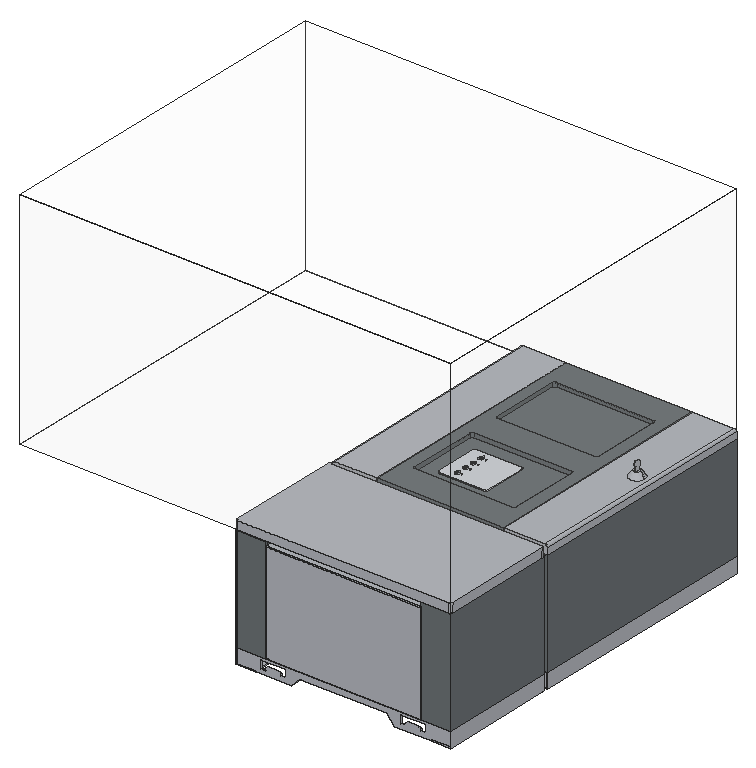
Revit family "Tyco_Fire Detector_and_Alarm Control_Indicator_Equipment-Profile Flexible Addressable _Control and Indicating Panels", category Fire Alarm Devices, host Face, Revit 2014
Parameters (values of type "Pro32xBB 4-32 Loop PROFILE Black Box")
  Weight = ""
  Warranty Start Date = ""
  Warranty Guarantor Parts = "Contact your supplier. If you don’t have your supplier contact details please contact\r\ntfsuk.service@tycoint.com\r\ntfseu.service@tycoint.com"
  Warranty Guarantor Labor = "Contact your supplier. If you don’t have your supplier contact details please contact\r\ntfsuk.service@tycoint.com\r\ntfseu.service@tycoint.com"
  Warranty Duration Unit = "Year"
  Warranty Duration Parts = "1.5"
  Warranty Duration Labor = 1.5
  Warranty Description = "n/a"
  Version = ""
  Usage Current = ""
  Uniclass2 = ""
  URL = "http://www.zettlerfire.com/Products/Fire/zettlerpanels/PROFILE.asp"
  Total No Of Addresses = "n/a"
  Tag Number = ""
  SuistainabilityPerformance = "n/a"
  Storage Temperature = "-20 °C to +70 °C"
  Size = "n/a"
  Shape = "Rectangle"
  Serial Number = ""
  Revision = ""
  Replacement Cost = 0
  Relative Humidity = "90% RH continuous (non-condensing)"
  Reference = ""
  Product Specification = "Pro32xBB 4-32 Loop PROFILE Black Box"
  Product Information = ""
  Product Codes = "557.200.851"
  Phase Reference = ""
  Phase Angle = ""
  Operation Temperature Range = "-8 °C to +55 °C"
  Number of Loops = "n/a"
  Number Of Poles = ""
  Nominal Width = 438 mm
  Nominal Voltage = ""
  Nominal Length = 263 mm
  Nominal Height = 740 mm
  Nominal Frequency Range = ""
  Nominal Current = ""
  No Of Zones Supported = "n/a"
  No Of Zonal LEDs = "n/a"
  Name = "Pro32xBB 4-32 Loop PROFILE Black Box"
  NBS Reference = ""
  NBS Description = ""
  Model Reference = "n/a"
  Model Number = "Pro32xBB"
  Model = "Pro32xBB"
  Material = "Mild steel Zintec (Electro Zinc Coated)"
  Manufacturer URL = "www.zettlerfire.com"
  Manufacturer Name = ""
  Manufacturer = "Tyco Fire Protection Products"
  Insulation Standard Class = ""
  Installation Date = ""
  Ifc Type Object = ""
  Ifc Export Type = ""
  Ifc Export As = ""
  IP_Code = ""
  Has Protective Earth = ""
  Grade = "n/a"
  Finish = "n/a"
  Features = "n/a"
  Expected Life = 0
  Electrical Device Nominal Power = ""
  Duration Unit = "n/a"
  Display B = yes
  Display A = no
  Description = "Pro32xBB PROFILE flexible Black Box panel 4 Shared Power Loops or 2 High Power Loops. Expandable to 32 Shared Power Loops or 16 High Power Loops max 2000 addresses. XL housing supplied with mounting frame."
  Default Elevation = 1219.2 mm
  Constituents = "n/a"
  Colour = "RAL 7016 (Anthracite Grey) & RAL 7040 (Window Grey)"
  Code Performance = "n/a"
  Clearance ref = if(Geometry ref, 246 mm, 0 mm)  # 246 mm
  Clearance [instance] = yes
  Category = ""
  Brand = "Zettler"
  Bar Code = ""
  BIM Object Name = ""
  Author = ""
  Asset Type = "Moveable"
  Asset Identifier = ""
  Addresses Per Loop = "n/a"
  Accessibility Performance = "n/a"
  Geometry ref = and(Nominal Height = 740 mm)  # yes
Types (6, lengths in mm): name | Product Specification | Product Codes | Nominal Height | Name | Model Number | Model | Display B | Display A | Description | Clearance ref | Geometry ref
  (no name) | "Pro32xBB 4-32 Loop PROFILE Black Box" | "557.200.851" | 740 | "Pro32xBB 4-32 Loop PROFILE Black Box" | "Pro32xBB" | "Pro32xBB" | yes | no | "Pro32xBB PROFILE flexible Black Box panel 4 Shared Power Loops or 2 High Power Loops. Expandable to 32 Shared Power Loops or 16 High Power Loops max 2000 addresses. XL housing supplied with mounting frame." | 246 | yes
  Pro16xD 4-16 Loop PROFILE Panel | "Pro16xD 4-16 Loop PROFILE Panel" | "557.200.847" | 480 | "Pro16xD 4-16 Loop PROFILE Panel" | "Pro16xD" | "Pro16xD" | no | yes | "Pro16xD PROFILE flexible panel 4 Shared Power Loops or 2 High Power Loops. Expandable to 16 Shared Power Loops or 8 High Power Loops max 2000 addresses. TFT touchscreen display, 5A PSU deep XL housing for 38 AH batteries supplied with mounting frame." | 0 | no
  Pro16xBB 4-16 Loop PROFILE Black Box | "Pro16xBB 4-16 Loop PROFILE Black Box" | "557.200.850" | 480 | "Pro16xBB 4-16 Loop PROFILE Black Box" | "Pro16xBB" | "Pro16xBB" | yes | no | "Pro16xBB PROFILE flexible Black Box panel 4 Shared Power Loops or 2 High Power Loops. Expandable to 16 Shared Power Loops or 8 High Power Loops max 2000 addresses, 5A PSU deep XL housing for 38 AH batteries supplied with mounting frame." | 0 | no
  Pro32xD 4-32 Loop PROFILE Panel | "Pro32xD 4-32 Loop PROFILE Panel" | "557.200.848" | 740 | "Pro32xD 4-32 Loop PROFILE Panel" | "Pro32xD" | "Pro32xD" | no | yes | "Pro32xD PROFILE flexible panel 4 Shared Power Loops or 2 High Power Loops. Expandable to 32 Shared Power Loops or 16 High Power Loops max 2000 addresses. TFT touchscreen display, XL housing supplied with mounting frame." | 246 | yes
  Pro32xBB 4-32 Loop PROFILE Black Box | "Pro32xBB 4-32 Loop PROFILE Black Box" | "557.200.851" | 740 | "Pro32xBB 4-32 Loop PROFILE Black Box" | "Pro32xBB" | "Pro32xBB" | yes | no | "Pro32xBB PROFILE flexible Black Box panel 4 Shared Power Loops or 2 High Power Loops. Expandable to 32 Shared Power Loops or 16 High Power Loops max 2000 addresses. XL housing supplied with mounting frame." | 246 | yes
  PxD Extension Box For Pro32xD | "PxD Extension Box For Pro32xD" | "557.200.849" | 480 | "PxD Extension Box For Pro32xD" | "PxD" | "PxD" | no | no | "PxD Extension box for Pro32xD PROFILE Flexible panel to enable a maximum number of 32 SP-loops, 4000 addresses XL housing with 6 way slot card cage and space for a second six way slot card cage. Supplied with mounting frame." | 0 | no
Reference planes
  plane 1 "Center (Front/Back)": y = 0
  plane 2: z = 0
  plane 3 "Center (Left/Right)": x = 0
Dimensions and locks
  aligned and locked: plane 2 to host face
  aligned and locked: level to host face
  aligned and locked: plane 3 "Center (Left/Right)" to nested 1
  aligned and locked: nested 1 to host face
Nested families
  nested 1: "Geometry" at (0, -305, 0), type "Default"
  nested 2: "Geometry2" at (0, 62.5, 0), type "Default"
    with aaa 246 mm, Display B yes
Connectors
  electrical at (0, 298.902, 131.248)
    settings: on nested 2, index 1, voltage 0 V, apparent load 0 VA, apparent load phase1 0 VA, apparent load phase2 0 VA, apparent load phase3 0 VA, power factor 1, load classification "Other", number of poles 1, system type 11, power factor state 1, is connector primary yes, connector utility no, sub classification motor no, connector description ""
Definition of nested family "Geometry"
  Parameters (values of type "Default")
    Width = 438 mm
    Height = 237 mm
    Geometry = yes
    Depth = 263 mm
    Clearance = yes
  Reference planes
    plane 1 "Center (Front/Back)": y = 0
    plane 2: z = 0
    plane 3 "Center (Left/Right)": x = 0
    plane 4: x = -219
    plane 5: x = 219
    plane 6: x = -220
    plane 7: x = -59
    plane 8: x = 59
    plane 9: x = -158
    plane 10: x = 158
    plane 11: z = 263
    plane 12: y = 60.5
    plane 13: y = 118.5
    plane 14: y = -118.5
    plane 15: y = -42.5
    plane 16: z = 264
    plane 17: z = 266
  Forms (mm)
    Extrusion 1, solid, material "RAL 7040", visible <- "Geometry"
      sketch origin (0, -128.233, 83.462) x (0, 1, 0) y (0, 0, 1)
        loop
          line (94.5, 114) -> (31.733, 114) -> (31.733, 69.158) -> (94.5, 69.158) -> (94.5, 114)
      from -220 to -219
    Extrusion 2, solid, material "RAL 7040", visible <- "Geometry"
      sketch origin (0, 0, 0) x (0, 1, 0) y (0, 0, 1)
        loop
          line (77.102, 245) -> (75.902, 245) -> (75.902, 237.596)
          arc (75.902, 237.596) -> (76.547, 236.04) -> (78.102, 235.396) r 2.2
          line (78.102, 235.396) -> (114.902, 235.396) -> (114.902, 31.196) -> (-117.298, 31.196) -> (-117.298, 235.396) -> (-99.498, 235.396)
          arc (-99.498, 235.396) -> (-97.942, 236.04) -> (-97.298, 237.596) r 2.2
          line (-97.298, 237.596) -> (-97.298, 256.596) -> (-98.498, 256.596) -> (-98.498, 237.596)
          arc (-98.498, 237.596) -> (-98.791, 236.889) -> (-99.498, 236.596) r 1
          line (-99.498, 236.596) -> (-117.498, 236.596)
          arc (-117.498, 236.596) -> (-118.205, 236.303) -> (-118.498, 235.596) r 1
          line (-118.498, 235.596) -> (-118.498, 30.996)
          arc (-118.498, 30.996) -> (-118.205, 30.289) -> (-117.498, 29.996) r 1
          line (-117.498, 29.996) -> (115.102, 29.996)
          arc (115.102, 29.996) -> (115.809, 30.289) -> (116.102, 30.996) r 1
          line (116.102, 30.996) -> (116.102, 235.596)
          arc (116.102, 235.596) -> (115.809, 236.303) -> (115.102, 236.596) r 1
          line (115.102, 236.596) -> (78.102, 236.596)
          arc (78.102, 236.596) -> (77.395, 236.889) -> (77.102, 237.596) r 1
          line (77.102, 237.596) -> (77.102, 245)
      from -158 to 158
    Extrusion 3, solid, material "RAL 7016", visible <- "Geometry"
      sketch origin (0, 0, 0) x (1, 0, 0) y (0, 1, 0)
        loop
          line (-219, 118.5) -> (-219, -118.5) -> (-157.852, -118.5) -> (-157.852, -116.938) -> (-217.5, -116.938) -> (-217.5, 117) -> (-157.852, 117) -> (-157.852, 118.5) -> (-219, 118.5)
        loop
          line (219, 118.5) -> (157.852, 118.5) -> (157.852, 117) -> (217.5, 117) -> (217.5, -116.938) -> (157.852, -116.938) -> (157.852, -118.5) -> (219, -118.5) -> (219, 118.5)
      from 30 to 245
    Extrusion 4, solid, material "RAL 7040", visible <- "Geometry"
      sketch origin (0, 0, 0) x (1, 0, 0) y (0, 1, 0)
        loop
          arc (-215.5, 118.5) -> (-217.975, 117.475) -> (-219, 115) r 3.5
          line (-219, 115) -> (-219, -115)
          arc (-219, -115) -> (-217.975, -117.475) -> (-215.5, -118.5) r 3.5
          line (-215.5, -118.5) -> (214, -118.5)
          arc (214, -118.5) -> (217.536, -117.036) -> (219, -113.5) r 5
          line (219, -113.5) -> (219, 113.5)
          arc (219, 113.5) -> (217.536, 117.036) -> (214, 118.5) r 5
          line (214, 118.5) -> (-215.5, 118.5)
      from 245 to 263
    Extrusion 5, solid, visible <- "Geometry", detail levels coarse+medium
      sketch origin (0, 0, 0) x (1, 0, 0) y (0, 1, 0)
        loop
          line (-220, 132.5) -> (-220, -118.5) -> (219, -118.5) -> (219, 132.5) -> (-220, 132.5)
      from 0 to 266
  Dimensions and locks
    equal spacing: plane 5, plane 3 "Center (Left/Right)", plane 4
    "Width": plane 5 to plane 4
    locked: plane 4 to plane 6 at 1
    equal spacing: plane 8, plane 3 "Center (Left/Right)", plane 7
    equal spacing: plane 10, plane 3 "Center (Left/Right)", plane 9
    locked: plane 11 to level at 263
    equal spacing: plane 7, plane 3 "Center (Left/Right)", plane 8
    plane 7 to plane 8 = 118 mm
    equal spacing: plane 14, plane 1 "Center (Front/Back)", plane 13
    "Height": plane 13 to plane 14
    plane 15 to plane 14 = 76 mm
    plane 12 to plane 15 = 103 mm
    locked: plane 16 to plane 11 at 1
    locked: plane 11 to Extrusion 2 sketch curve at 27.604
    aligned and locked: level to plane 2
    aligned and locked: plane 3 "Center (Left/Right)" to nested 1
    aligned and locked: plane 4 to Extrusion 1
    aligned and locked: Extrusion 1 to plane 6
    aligned and locked: plane 6 to text3d elem  (x2)
    aligned and locked: Extrusion 2 to plane 9
    aligned and locked: plane 10 to Extrusion 2
    aligned and locked: nested 1 to level
    aligned and locked: Extrusion 3 to nested 1
    aligned and locked: Extrusion 4 to Extrusion 2
    aligned and locked: plane 11 to Extrusion 4
    aligned and locked: Extrusion 4 sketch curve to plane 13
    aligned and locked: plane 14 to Extrusion 4 sketch curve
    aligned and locked: nested 1 to plane 14
    aligned and locked: plane 14 to Extrusion 3 sketch curve
    aligned and locked: Extrusion 3 sketch curve to plane 14
    aligned and locked: plane 13 to Extrusion 3 sketch curve
    aligned and locked: Extrusion 3 sketch curve to plane 13
    aligned and locked: plane 4 to Extrusion 4 sketch curve
    aligned and locked: plane 6 to Extrusion 5 sketch curve
    aligned and locked: Extrusion 5 sketch curve to plane 5
    aligned and locked: plane 14 to Extrusion 5 sketch curve
    aligned and locked: Extrusion 5 to level
    aligned and locked: Extrusion 5 to plane 17
    aligned and locked: Extrusion 5 sketch curve to nested 1
  Automatic sketch dimensions
    Extrusion 1 sketch curve to Extrusion 1 sketch curve = 44.842 mm
    Extrusion 1 sketch curve to Extrusion 1 sketch curve = 62.767 mm
    level to Extrusion 1 sketch curve = 152.619 mm
    Extrusion 1 sketch curve to plane 12 = 157 mm
    Extrusion 2 sketch curve to Extrusion 2 sketch curve = 0 mm  (x5)
    plane 14 to Extrusion 2 sketch curve = 0.002 mm
    plane 14 to Extrusion 2 sketch curve = 1.002 mm  (x2)
    Extrusion 2 sketch curve to Extrusion 2 sketch curve = 0.2 mm  (x4)
    Extrusion 2 sketch curve to Extrusion 2 sketch curve = 17.8 mm
    Extrusion 2 sketch curve to plane 11 = 6.404 mm
    Extrusion 2 sketch curve to Extrusion 2 sketch curve = 1.2 mm  (x2)
    plane 12 to Extrusion 2 sketch curve = 15.402 mm
    Extrusion 2 sketch curve to Extrusion 2 sketch curve = 1 mm  (x3)
    Extrusion 2 sketch curve to plane 13 = 3.598 mm
    Extrusion 2 sketch curve to plane 11 = 18 mm
    Extrusion 2 sketch curve to Extrusion 2 sketch curve = 7.404 mm
    level to Extrusion 2 sketch curve = 31.196 mm
    Extrusion 3 sketch curve to plane 4 = 0 mm
    Extrusion 3 sketch curve to plane 5 = 0 mm
    plane 4 to Extrusion 3 sketch curve = 1.5 mm
    plane 9 to Extrusion 3 sketch curve = 0.148 mm  (x2)
    Extrusion 3 sketch curve to plane 10 = 0.148 mm  (x2)
    Extrusion 3 sketch curve to plane 5 = 1.5 mm
    plane 14 to Extrusion 3 sketch curve = 1.562 mm  (x2)
    Extrusion 3 sketch curve to Extrusion 3 sketch curve = 1.5 mm
    Extrusion 3 sketch curve to plane 13 = 1.5 mm
    Extrusion 4 sketch curve to plane 5 = 0 mm
    plane 4 to Extrusion 4 sketch curve = 3.5 mm  (x2)
    Extrusion 4 sketch curve to plane 5 = 5 mm  (x2)
  Nested families
    nested 1: "Frame" at (0, -7.233, 0), visible <- "Geometry", type "Frame", detail levels fine
  Definition of nested family "Frame"
    Parameters (values of type "Frame")
      aaa = 211 mm
      Width = 438 mm
      Height = 237 mm
      Depth = 30 mm
    Reference planes
      plane 1 "Center (Front/Back)": y = 0
      plane 2: z = 0
      plane 3 "Center (Left/Right)": x = 0
      plane 4: x = -219
      plane 5: x = 219
      plane 6: x = -179
      plane 7: x = 179
      plane 8: x = -160.5
      plane 9: x = -119.5
      plane 10: z = 24
      plane 11: z = 8.5
      plane 12: x = 160.5
      plane 13: x = 119.5
      plane 14: z = 24
      plane 15: z = 8.5
      plane 16: x = -160.5
      plane 17: x = -119.5
      plane 18: y = 139.733
      plane 19: x = 160.5
      plane 20: x = 119.5
      plane 21: y = 139.733
      plane 22: z = 10
      plane 23: x = -167.5
      plane 24: x = -117.5
      plane 25: z = 20
      plane 26: z = 4
      plane 27: x = 167.5
      plane 28: x = 117.5
      plane 29: z = 20
      plane 30: z = 4
      plane 31: x = -105.5
      plane 32: x = 105.5
      plane 33: z = 17.938
    Forms (mm)
      Extrusion 1, solid, material "RAL 7040"
        sketch origin (0, -111.267, 30) x (1, 0, 0) y (0, 0, -1)
          loop
            line (-219, 0) -> (-217.5, 0) -> (-217.5, 28.5) -> (-179, 28.5) -> (-179, 30) -> (-219, 30) -> (-219, 0)
          loop
            line (219, 0) -> (219, 30) -> (179, 30) -> (179, 28.5) -> (217.5, 28.5) -> (217.5, 0) -> (219, 0)
        from 0 to 237
      Extrusion 2, solid, material "RAL 7040"
        sketch origin (0, -111.267, 30) x (0, 0, -1) y (0, 1, 0)
          loop
            line (0, 237) -> (0, 0) -> (30, 0) -> (30, 1.5) -> (1.5, 1.5) -> (1.5, 235.5) -> (30, 235.5) -> (30, 237) -> (0, 237)
        from -217.5 to 217.5
      Extrusion 3, void
        sketch origin (0, -111.267, 30) x (1, 0, 0) y (0, 0, -1)
          loop
            line (-160.5, 21.5) -> (-160.5, 11) -> (-155.5, 6) -> (-124.5, 6) -> (-119.5, 11) -> (-119.5, 21.5) -> (-160.5, 21.5)
          loop
            line (160.5, 21.5) -> (119.5, 21.5) -> (119.5, 11) -> (124.5, 6) -> (155.5, 6) -> (160.5, 11) -> (160.5, 21.5)
          loop
            line (105.437, 30) -> (-105.437, 30) -> (-87.5, 12.062) -> (87.5, 12.063) -> (105.437, 30)
        from 235.5 to 237
      Extrusion 4, solid, material "RAL 7040"
        sketch origin (0, -111.267, 30) x (1, 0, 0) y (0, 1, 0)
          loop
            line (-160.5, 237) -> (-119.5, 237) -> (-119.5, 246) -> (-124.5, 251) -> (-155.5, 251) -> (-160.5, 246) -> (-160.5, 237)
          loop
            line (-154.495, 246.5) -> (-154.495, 244) -> (-124.495, 244) -> (-124.495, 246.5) -> (-154.495, 246.5)
          loop
            line (160.5, 237) -> (160.5, 246) -> (155.5, 251) -> (124.5, 251) -> (119.5, 246) -> (119.5, 237) -> (160.5, 237)
          loop
            line (154.495, 246.5) -> (124.495, 246.5) -> (124.495, 244) -> (154.495, 244) -> (154.495, 246.5)
        from -21.5 to -20
      Extrusion 5, void
        sketch origin (0, -111.267, 30) x (1, 0, 0) y (0, 0, -1)
          loop
            line (167.5, 4.063) -> (167.5, 20.063) -> (157.5, 20.063) -> (157.5, 15.886) -> (154.732, 13.118) -> (130.195, 13.118) -> (127.5, 15.813) -> (127.5, 20.063) -> (117.5, 20.063) -> (117.5, 4.063) -> (167.5, 4.063)
          loop
            line (-167.5, 4.062) -> (-117.5, 4.062) -> (-117.5, 20.062) -> (-127.5, 20.062) -> (-127.5, 15.813) -> (-130.195, 13.118) -> (-154.732, 13.118) -> (-157.5, 15.886) -> (-157.5, 20.062) -> (-167.5, 20.062) -> (-167.5, 4.062)
          loop
            line (105.437, 30) -> (-105.437, 30) -> (-87.5, 12.062) -> (87.5, 12.063) -> (105.437, 30)
        from 0 to 1.5
    Cuts and joins
      Extrusion 3, Extrusion 5 cuts Extrusion 2
      Extrusion 5 cuts Extrusion 4
    Dimensions and locks
      equal spacing: plane 5, plane 3 "Center (Left/Right)", plane 4
      "Width": plane 5 to plane 4
      plane 4 to plane 6 = 40 mm
      locked: plane 7 to plane 5 at 40
      locked: plane 4 to plane 8 at 58.5
      locked: plane 8 to plane 9 at 41
      locked: plane 11 to plane 10 at 15.5
      locked: plane 12 to plane 13 at 41
      locked: plane 15 to plane 14 at 15.5
      locked: plane 12 to plane 5 at 58.5
      plane 18 to cut or joined group of Extrusion 2, Extrusion 3, Extrusion 5 = 14 mm
      locked: Extrusion 4 sketch curve to cut or joined group of Extrusion 2, Extrusion 3, Extrusion 5 at 7  (x2)
      locked: Extrusion 4 sketch curve to Extrusion 4 sketch curve at 2.5  (x2)
      locked: plane 21 to cut or joined group of Extrusion 2, Extrusion 3, Extrusion 5 at 14
      locked: plane 26 to plane 25 at 16
      locked: plane 4 to plane 23 at 51.5
      locked: plane 23 to plane 24 at 50
      plane 23 to Extrusion 5 sketch curve = 325 mm
      plane 24 to Extrusion 5 sketch curve = 245 mm
      locked: plane 27 to plane 28 at 50
      plane 27 to Extrusion 5 sketch curve = 325 mm
      plane 28 to Extrusion 5 sketch curve = 245 mm
      locked: plane 30 to plane 29 at 16
      equal spacing: plane 31, plane 3 "Center (Left/Right)", plane 32
      "aaa": plane 31 to plane 32
      aligned and locked: level to plane 2
      aligned and locked: plane 4 to Extrusion 1 sketch curve
      aligned and locked: Extrusion 1 sketch curve to plane 6
      aligned and locked: plane 7 to Extrusion 1 sketch curve
      aligned and locked: Extrusion 2 sketch curve to Extrusion 1
      aligned and locked: Extrusion 3 sketch curve to plane 11
      aligned and locked: plane 8 to Extrusion 3 sketch curve
      aligned and locked: plane 10 to Extrusion 3 sketch curve
      aligned and locked: Extrusion 3 sketch curve to plane 9
      aligned and locked: plane 15 to Extrusion 3 sketch curve
      aligned and locked: Extrusion 3 sketch curve to plane 12
      aligned and locked: Extrusion 3 sketch curve to plane 14
      aligned and locked: plane 13 to Extrusion 3 sketch curve
      aligned and locked: Extrusion 3 to Extrusion 2
      aligned and locked: plane 17 to cut or joined group of Extrusion 2, Extrusion 3, Extrusion 5
      aligned and locked: plane 16 to cut or joined group of Extrusion 2, Extrusion 3, Extrusion 5
      aligned and locked: Extrusion 4 sketch curve to cut or joined group of Extrusion 2, Extrusion 3, Extrusion 5
      aligned and locked: plane 18 to Extrusion 4 sketch curve
      aligned and locked: plane 17 to Extrusion 4 sketch curve
      aligned and locked: Extrusion 4 sketch curve to plane 21
      aligned and locked: Extrusion 4 sketch curve to plane 20
      aligned and locked: cut or joined group of Extrusion 2, Extrusion 3, Extrusion 5 to Extrusion 4
      aligned and locked: plane 22 to Extrusion 4
      aligned and locked: Extrusion 5 to Extrusion 2
      aligned and locked: plane 33 to Extrusion 5 sketch curve
      aligned and locked: cut or joined group of Extrusion 2, Extrusion 3, Extrusion 5 to Extrusion 5 sketch curve
      aligned and locked: cut or joined group of Extrusion 2, Extrusion 3, Extrusion 5 to Extrusion 1  (x2)
    Automatic sketch dimensions
      plane 8 to Extrusion 3 sketch curve = 5 mm
      Extrusion 3 sketch curve to plane 9 = 5 mm
      Extrusion 3 sketch curve to plane 13 = 5 mm
      plane 12 to Extrusion 3 sketch curve = 5 mm
      plane 10 to Extrusion 3 sketch curve = 5 mm  (x4)
      plane 9 to Extrusion 3 sketch curve = 14.063 mm
      plane 10 to Extrusion 3 sketch curve = 6.063 mm
      Extrusion 3 sketch curve to Extrusion 3 sketch curve = 17.937 mm
      plane 13 to Extrusion 3 sketch curve = 32 mm
      plane 13 to Extrusion 3 sketch curve = 14.063 mm
      plane 11 to Extrusion 3 sketch curve = 8.5 mm
      Extrusion 1 sketch curve to plane 5 = 0 mm
      plane 4 to Extrusion 1 sketch curve = 1.5 mm
      Extrusion 1 sketch curve to plane 5 = 1.5 mm
      Extrusion 1 sketch curve to plane 22 = 20 mm  (x2)
      plane 22 to Extrusion 1 sketch curve = 8.5 mm  (x2)
      Extrusion 1 sketch curve to Extrusion 1 sketch curve = 1.5 mm  (x2)
      Extrusion 2 sketch curve to plane 22 = 18.5 mm
      Extrusion 2 sketch curve to Extrusion 2 sketch curve = 1.5 mm  (x3)
      plane 22 to Extrusion 2 sketch curve = 10 mm
      plane 1 "Center (Front/Back)" to Extrusion 2 sketch curve = 111.267 mm
      Extrusion 2 sketch curve to plane 1 "Center (Front/Back)" = 124.233 mm
      Extrusion 4 sketch curve to plane 19 = 0 mm
      plane 16 to Extrusion 4 sketch curve = 5 mm
      Extrusion 4 sketch curve to Extrusion 4 sketch curve = 1.005 mm  (x2)
      Extrusion 4 sketch curve to plane 17 = 5 mm
      Extrusion 4 sketch curve to Extrusion 4 sketch curve = 0.005 mm  (x2)
      Extrusion 4 sketch curve to plane 20 = 4.995 mm
      plane 19 to Extrusion 4 sketch curve = 6.005 mm
      Extrusion 4 sketch curve to Extrusion 4 sketch curve = 7 mm  (x2)
      Extrusion 4 sketch curve to plane 18 = 5 mm  (x4)
      Extrusion 5 sketch curve to plane 23 = 0 mm
      Extrusion 5 sketch curve to plane 24 = 0 mm
      plane 28 to Extrusion 5 sketch curve = 0 mm
      plane 27 to Extrusion 5 sketch curve = 0 mm
      Extrusion 5 sketch curve to plane 33 = 1.056 mm  (x2)
      Extrusion 5 sketch curve to Extrusion 5 sketch curve = 2.768 mm  (x2)
      Extrusion 5 sketch curve to Extrusion 5 sketch curve = 2.695 mm  (x2)
      plane 31 to Extrusion 5 sketch curve = 0.063 mm
      plane 31 to Extrusion 5 sketch curve = 18 mm
      Extrusion 5 sketch curve to plane 32 = 18 mm
      Extrusion 5 sketch curve to plane 32 = 0.063 mm
      Extrusion 5 sketch curve to plane 25 = 5.938 mm
      Extrusion 5 sketch curve to plane 25 = 5.937 mm
      Extrusion 5 sketch curve to plane 33 = 3.75 mm  (x2)
      Extrusion 5 sketch curve to plane 33 = 3.824 mm  (x2)
      plane 22 to Extrusion 5 sketch curve = 0.063 mm  (x4)
Definition of nested family "Geometry2"
  Parameters (values of type "Default")
    aaa = 0 mm
    Width = 438 mm
    Height = 480 mm
    Display B = no
    Display = no
    Depth = 263 mm
    Clearance = yes
  Reference planes
    plane 1 "Center (Front/Back)": y = 0
    plane 2: z = 0
    plane 3 "Center (Left/Right)": x = 0
    plane 4: x = -219
    plane 5: x = 219
    plane 6: x = -220
    plane 7: x = -59
    plane 8: x = 59
    plane 9: x = -158
    plane 10: x = 158
    plane 11: z = 263
    plane 12: y = -61
    plane 13: y = 240
    plane 14: y = -240
    plane 15: y = -164
    plane 16: z = 264
    plane 17: z = 266
    plane 18: z = 701
    plane 19: x = -658
    plane 20: y = -240
    plane 21: y = 21.873
    plane 22: z = 292.226
  Forms (mm)
    Extrusion 1, solid, material "RAL 7040"
      sketch origin (0, -128.233, 83.462) x (0, 1, 0) y (0, 0, 1)
        loop
          line (-27, 114) -> (-89.767, 114) -> (-89.767, 69.158) -> (-27, 69.158) -> (-27, 114)
      from -220 to -219
    Extrusion 2, solid, material "RAL 7040"
      sketch origin (0, 0, 0) x (0, 1, 0) y (0, 0, 1)
        loop
          line (216.402, 252.5) -> (215.202, 252.5) -> (215.202, 233.5)
          arc (215.202, 233.5) -> (215.847, 231.944) -> (217.402, 231.3) r 2.2
          line (217.402, 231.3) -> (236.402, 231.3) -> (236.402, 31.196) -> (-238.798, 31.196) -> (-238.798, 235.396) -> (-220.998, 235.396)
          arc (-220.998, 235.396) -> (-219.442, 236.04) -> (-218.798, 237.596) r 2.2
          line (-218.798, 237.596) -> (-218.798, 252.5) -> (-219.998, 252.5) -> (-219.998, 237.596)
          arc (-219.998, 237.596) -> (-220.291, 236.889) -> (-220.998, 236.596) r 1
          line (-220.998, 236.596) -> (-238.998, 236.596)
          arc (-238.998, 236.596) -> (-239.705, 236.303) -> (-239.998, 235.596) r 1
          line (-239.998, 235.596) -> (-239.998, 30.996)
          arc (-239.998, 30.996) -> (-239.705, 30.289) -> (-238.998, 29.996) r 1
          line (-238.998, 29.996) -> (236.602, 29.996)
          arc (236.602, 29.996) -> (237.309, 30.289) -> (237.602, 30.996) r 1
          line (237.602, 30.996) -> (237.602, 231.5)
          arc (237.602, 231.5) -> (237.309, 232.207) -> (236.602, 232.5) r 1
          line (236.602, 232.5) -> (217.402, 232.5)
          arc (217.402, 232.5) -> (216.695, 232.793) -> (216.402, 233.5) r 1
          line (216.402, 233.5) -> (216.402, 252.5)
      from -158 to 158
    Extrusion 3, solid, material "RAL 7016"
      sketch origin (0, 0, 0) x (1, 0, 0) y (0, 1, 0)
        loop
          line (-219, 240) -> (-219, -240) -> (-157.852, -240) -> (-157.852, -238.438) -> (-217.5, -238.438) -> (-217.5, 238.5) -> (-157.852, 238.5) -> (-157.852, 240) -> (-219, 240)
        loop
          line (219, 240) -> (157.852, 240) -> (157.852, 238.5) -> (217.5, 238.5) -> (217.5, -238.438) -> (157.852, -238.438) -> (157.852, -240) -> (219, -240) -> (219, 240)
      from 30 to 245
    Extrusion 4, solid, detail levels coarse+medium
      sketch origin (0, 0, 0) x (1, 0, 0) y (0, 1, 0)
        loop
          line (-220, 254) -> (-220, -240) -> (219, -240) -> (219, 254) -> (-220, 254)
      from 0 to 266
    Extrusion 5, solid, material "RAL 7040", detail levels fine
      sketch origin (0, 0, 0) x (1, 0, 0) y (0, 0, 1)
        loop
          arc (-214, 263) -> (-217.536, 261.536) -> (-219, 258) r 5
          line (-219, 258) -> (-219, 245) -> (219, 245) -> (219, 258)
          arc (219, 258) -> (217.536, 261.536) -> (214, 263) r 5
          line (214, 263) -> (129, 263) -> (129, 252.5) -> (-129, 252.5) -> (-129, 263) -> (-214, 263)
      from -240 to 240
    Extrusion 6, solid, material "RAL 7016", detail levels fine
      sketch origin (0, 0, 0) x (1, 0, 0) y (0, 1, 0)
        loop
          line (-129, 240) -> (-129, -240) -> (129, -240) -> (129, 240) -> (-129, 240)
      from 252.5 to 263
    Extrusion 7, solid, material "Clearance Material", visible <- "Clearance", detail levels fine
      sketch origin (0, 0, 0) x (1, 0, 0) y (0, 0, 1)
        loop
          line (-658, 701) -> (-658, 245) -> (219, 245) -> (219, 701) -> (-658, 701)
      from -240 to 240
    Blend 8, solid, material "RAL 7040", detail levels fine
      base sketch origin (0, 0, 0) x (1, 0, 0) y (0, 1, 0)
        loop
          circle (191.486, 21.617) r 15
      top sketch origin (0, 0, 0) x (1, 0, 0) y (0, 1, 0)
        loop
          circle (191.486, 21.617) r 7
      from 264 to 274.226
    Extrusion 9, void
      sketch origin (0, 0, 0) x (1, 0, 0) y (0, 1, 0)
        loop
          line (189.716, 26.873) -> (189.716, 16.873) -> (192.591, 16.873) -> (192.591, 26.873) -> (189.716, 26.873)
      from 263 to 274.226
    Extrusion 10, void
      sketch origin (0, 0, 0) x (1, 0, 0) y (0, 1, 0)
        loop
          arc (-99, 180) -> (-102.536, 178.536) -> (-104, 175) r 5
          line (-104, 175) -> (-104, 35)
          arc (-104, 35) -> (-102.536, 31.464) -> (-99, 30) r 5
          line (-99, 30) -> (99, 30)
          arc (99, 30) -> (102.536, 31.464) -> (104, 35) r 5
          line (104, 35) -> (104, 175)
          arc (104, 175) -> (102.536, 178.536) -> (99, 180) r 5
          line (99, 180) -> (-99, 180)
        loop
          line (-99, -180) -> (99, -180)
          arc (99, -180) -> (102.536, -178.536) -> (104, -175) r 5
          line (104, -175) -> (104, -35)
          arc (104, -35) -> (102.536, -31.464) -> (99, -30) r 5
          line (99, -30) -> (-99, -30)
          arc (-99, -30) -> (-102.536, -31.464) -> (-104, -35) r 5
          line (-104, -35) -> (-104, -175)
          arc (-104, -175) -> (-102.536, -178.536) -> (-99, -180) r 5
      from 255 to 263
    Extrusion 11, solid, visible <- "Display"
      sketch origin (0, 0, 0) x (1, 0, 0) y (0, 1, 0)
        loop
          line (84, 165) -> (-84, 165)
          arc (-84, 165) -> (-87.536, 163.536) -> (-89, 160) r 5
          line (-89, 160) -> (-89, 50)
          arc (-89, 50) -> (-87.536, 46.464) -> (-84, 45) r 5
          line (-84, 45) -> (84, 45)
          arc (84, 45) -> (87.536, 46.464) -> (89, 50) r 5
          line (89, 50) -> (89, 160)
          arc (89, 160) -> (87.536, 163.536) -> (84, 165) r 5
      from 255 to 256
    Extrusion 12, solid, visible <- "Display B"
      sketch origin (0, 0, 0) x (1, 0, 0) y (0, 1, 0)
        loop
          arc (-69, -60) -> (-72.536, -61.464) -> (-74, -65) r 5
          line (-74, -65) -> (-74, -150)
          arc (-74, -150) -> (-72.536, -153.536) -> (-69, -155) r 5
          line (-69, -155) -> (21, -155)
          arc (21, -155) -> (24.536, -153.536) -> (26, -150) r 5
          line (26, -150) -> (26, -65)
          arc (26, -65) -> (24.536, -61.464) -> (21, -60) r 5
          line (21, -60) -> (-69, -60)
      from 255 to 256
    Extrusion 13, solid, material "RAL 7040", visible <- "Display B"
      sketch origin (0, 0, 0) x (1, 0, 0) y (0, 1, 0)
        loop
          arc (-48.829, -134.608) -> (-46.685, -142.022) -> (-44.768, -134.546) r 4
          arc (-44.768, -134.546) -> (-45.45, -134.733) -> (-45.262, -135.415) r 0.5
          arc (-45.262, -135.415) -> (-46.7, -141.022) -> (-48.308, -135.461) r 3
          arc (-48.308, -135.461) -> (-48.141, -134.774) -> (-48.829, -134.608) r 0.5
        loop
          arc (-47.246, -137.007) -> (-46.746, -137.507) -> (-46.246, -137.007) r 0.5
          line (-46.246, -137.007) -> (-46.246, -132.089)
          arc (-46.246, -132.089) -> (-46.746, -131.589) -> (-47.246, -132.089) r 0.5
          line (-47.246, -132.089) -> (-47.246, -137.007)
        loop
          circle (-46.788, -116.925) r 4
        loop
          circle (-46.788, -116.925) r 3
        loop
          arc (-47.251, -117.397) -> (-46.751, -117.897) -> (-46.251, -117.397) r 0.5
          line (-46.251, -117.397) -> (-46.251, -114.897)
          arc (-46.251, -114.897) -> (-46.751, -114.397) -> (-47.251, -114.897) r 0.5
          line (-47.251, -114.897) -> (-47.251, -117.397)
        loop
          circle (-46.752, -118.875) r 0.5
        loop
          circle (-36.904, -117.139) r 0.5
        loop
          circle (-37.672, -137.755) r 0.5
        loop
          circle (-46.788, -96.925) r 4
        loop
          circle (-46.788, -96.925) r 3
        loop
          arc (-47.251, -97.397) -> (-46.751, -97.897) -> (-46.251, -97.397) r 0.5
          line (-46.251, -97.397) -> (-46.251, -94.897)
          arc (-46.251, -94.897) -> (-46.751, -94.397) -> (-47.251, -94.897) r 0.5
          line (-47.251, -94.897) -> (-47.251, -97.397)
        loop
          circle (-46.752, -98.875) r 0.5
        loop
          circle (-36.904, -97.139) r 0.5
        loop
          line (-50.417, -79.979) -> (-47.774, -79.979) -> (-47.774, -77.979) -> (-45.774, -77.979) -> (-45.774, -79.979) -> (-43.13, -79.979) -> (-43.13, -75.88) -> (-42.345, -75.88) -> (-46.774, -70.794) -> (-51.202, -75.88) -> (-50.417, -75.88) -> (-50.417, -79.979)
        loop
          circle (-36.904, -77.139) r 0.5
      from 256 to 257
    Extrusion 14, solid, material "RAL 7040", detail levels fine
      sketch origin (0, 0, 0) x (0, 1, 0) y (0, 0, 1)
        loop
          line (17.551, 267.529) -> (26.195, 267.529) -> (26.195, 278.075)
          arc (26.195, 278.075) -> (26.312, 279.735) -> (26.658, 281.364) r 11.932
          line (26.658, 281.364) -> (28.705, 288.503)
          arc (28.705, 288.503) -> (28.7, 289.071) -> (28.386, 289.544) r 1
          line (28.386, 289.544) -> (25.748, 291.758)
          arc (25.748, 291.758) -> (25.147, 292.105) -> (24.463, 292.226) r 2
          line (24.463, 292.226) -> (19.283, 292.226)
          arc (19.283, 292.226) -> (18.599, 292.105) -> (17.998, 291.758) r 2
          line (17.998, 291.758) -> (15.36, 289.544)
          arc (15.36, 289.544) -> (15.047, 289.071) -> (15.042, 288.503) r 1
          line (15.042, 288.503) -> (17.089, 281.364)
          arc (17.089, 281.364) -> (17.435, 279.735) -> (17.551, 278.075) r 11.932
          line (17.551, 278.075) -> (17.551, 267.529)
        loop
          circle (21.873, 287.206) r 1.5
      from 190.141 to 192.201
  Cuts and joins
    Extrusion 9, Extrusion 10 cuts Extrusion 4
    Extrusion 9, Extrusion 10 cuts Extrusion 5
    Extrusion 9, Extrusion 10 cuts Extrusion 7
    Extrusion 10 cuts Extrusion 2
    Extrusion 10 cuts Extrusion 6
  Dimensions and locks
    equal spacing: plane 5, plane 3 "Center (Left/Right)", plane 4
    "Width": plane 5 to plane 4
    locked: plane 4 to plane 6 at 1
    equal spacing: plane 8, plane 3 "Center (Left/Right)", plane 7
    equal spacing: plane 10, plane 3 "Center (Left/Right)", plane 9
    locked: plane 11 to level at 263
    equal spacing: plane 7, plane 3 "Center (Left/Right)", plane 8
    plane 7 to plane 8 = 118 mm
    equal spacing: plane 14, plane 1 "Center (Front/Back)", plane 13
    "Height": plane 13 to plane 14
    plane 15 to plane 14 = 76 mm
    plane 12 to plane 15 = 103 mm
    locked: plane 16 to plane 11 at 1
    locked: plane 11 to Extrusion 2 sketch curve at 27.604
    "Width": plane 18 to plane 11
    "Width": plane 19 to plane 6
    "aaa": plane 20 to plane 14
    equal spacing: cut or joined group of Extrusion 7, Extrusion 9, Extrusion 10, plane 21, cut or joined group of Extrusion 7, Extrusion 9, Extrusion 10
    aligned and locked: level to plane 2
    aligned and locked: plane 3 "Center (Left/Right)" to nested 1
    aligned and locked: plane 4 to Extrusion 1
    aligned and locked: Extrusion 1 to plane 6
    aligned and locked: plane 6 to text3d elem  (x2)
    aligned and locked: Extrusion 2 to plane 9
    aligned and locked: plane 10 to Extrusion 2
    aligned and locked: nested 1 to level
    aligned and locked: Extrusion 3 to nested 1
    aligned and locked: nested 1 to plane 14
    aligned and locked: plane 14 to Extrusion 3 sketch curve
    aligned and locked: Extrusion 3 sketch curve to plane 14
    aligned and locked: plane 13 to Extrusion 3 sketch curve
    aligned and locked: Extrusion 3 sketch curve to plane 13
    aligned and locked: plane 6 to Extrusion 4 sketch curve
    aligned and locked: Extrusion 4 sketch curve to plane 5
    aligned and locked: plane 14 to Extrusion 4 sketch curve
    aligned and locked: Extrusion 4 to level
    aligned and locked: Extrusion 4 to plane 17
    aligned and locked: Extrusion 2 sketch curve to Extrusion 2 sketch curve
    aligned and locked: Extrusion 5 sketch curve to plane 11  (x2)
    aligned and locked: plane 4 to Extrusion 5 sketch curve
    aligned and locked: Extrusion 5 sketch curve to plane 5
    aligned and locked: Extrusion 5 sketch curve to Extrusion 3
    aligned and locked: Extrusion 5 to plane 14
    aligned and locked: plane 13 to Extrusion 5
    aligned and locked: nested 1 to Extrusion 6 sketch curve
    aligned and locked: Extrusion 6 to Extrusion 2
    aligned and locked: Extrusion 5 to Extrusion 6
    aligned and locked: Extrusion 6 sketch curve to plane 13
    aligned and locked: Extrusion 7 sketch curve to plane 18
    aligned and locked: plane 19 to Extrusion 7 sketch curve
    aligned and locked: Extrusion 7 sketch curve to Extrusion 3  (x2)
    aligned and locked: nested 1 to Extrusion 7
    aligned and locked: Blend 8 to plane 16
    aligned and locked: Extrusion 9 to plane 11
    aligned and locked: Blend 8 to Extrusion 9
    aligned and locked: text3d elem to plane 11
    aligned and locked: Extrusion 7 to plane 20
    aligned and locked: Extrusion 6 sketch curve to cut or joined group of Extrusion 5, Extrusion 9, Extrusion 10  (x2)
    aligned and locked: plane 11 to Extrusion 10
    aligned and locked: cut or joined group of Extrusion 7, Extrusion 9, Extrusion 10 to Extrusion 11
    aligned and locked: Extrusion 13 sketch curve to Extrusion 13 sketch curve
  Automatic sketch dimensions
    Extrusion 1 sketch curve to Extrusion 1 sketch curve = 44.842 mm
    Extrusion 1 sketch curve to Extrusion 1 sketch curve = 62.767 mm
    level to Extrusion 1 sketch curve = 152.619 mm
    Extrusion 1 sketch curve to plane 12 = 157 mm
    Extrusion 2 sketch curve to Extrusion 2 sketch curve = 0 mm  (x4)
    plane 14 to Extrusion 2 sketch curve = 0.002 mm
    plane 14 to Extrusion 2 sketch curve = 1.002 mm  (x2)
    Extrusion 2 sketch curve to Extrusion 2 sketch curve = 0.2 mm  (x4)
    Extrusion 2 sketch curve to Extrusion 2 sketch curve = 17.8 mm
    Extrusion 2 sketch curve to plane 11 = 10.5 mm
    Extrusion 2 sketch curve to Extrusion 2 sketch curve = 1.2 mm  (x2)
    plane 12 to Extrusion 2 sketch curve = 276.202 mm
    Extrusion 2 sketch curve to Extrusion 2 sketch curve = 1 mm  (x3)
    Extrusion 2 sketch curve to plane 13 = 3.598 mm
    Extrusion 2 sketch curve to Extrusion 2 sketch curve = 19 mm
    level to Extrusion 2 sketch curve = 31.196 mm
    Extrusion 3 sketch curve to plane 4 = 0 mm
    Extrusion 3 sketch curve to plane 5 = 0 mm
    plane 4 to Extrusion 3 sketch curve = 1.5 mm
    plane 9 to Extrusion 3 sketch curve = 0.148 mm  (x2)
    Extrusion 3 sketch curve to plane 10 = 0.148 mm  (x2)
    Extrusion 3 sketch curve to plane 5 = 1.5 mm
    plane 14 to Extrusion 3 sketch curve = 1.562 mm  (x2)
    Extrusion 3 sketch curve to Extrusion 3 sketch curve = 1.5 mm
    Extrusion 3 sketch curve to plane 13 = 1.5 mm
    plane 13 to Extrusion 4 sketch curve = 14 mm
    Blend 8 sketch curve to plane 5 = 27.514 mm  (x2)
    Blend 8 sketch curve to plane 1 "Center (Front/Back)" = 21.617 mm  (x2)
    Extrusion 9 sketch curve to plane 5 = 29.284 mm
    Extrusion 9 sketch curve to Extrusion 9 sketch curve = 2.875 mm
    Extrusion 9 sketch curve to plane 1 "Center (Front/Back)" = 16.873 mm
    Extrusion 9 sketch curve to Extrusion 9 sketch curve = 10 mm
    Extrusion 5 sketch curve to Extrusion 5 sketch curve = 5 mm
    plane 9 to Extrusion 5 sketch curve = 29 mm
    Extrusion 5 sketch curve to plane 10 = 29 mm
    Extrusion 5 sketch curve to plane 5 = 5 mm
    Extrusion 5 sketch curve to plane 11 = 10.5 mm
    Extrusion 10 sketch curve to plane 7 = 45 mm  (x2)
    Extrusion 10 sketch curve to Extrusion 10 sketch curve = 5 mm  (x6)
    plane 8 to Extrusion 10 sketch curve = 40 mm  (x4)
    Extrusion 10 sketch curve to plane 15 = 16 mm
    plane 12 to Extrusion 10 sketch curve = 26 mm
    Extrusion 10 sketch curve to plane 1 "Center (Front/Back)" = 30 mm
    Extrusion 10 sketch curve to plane 13 = 65 mm
    Extrusion 11 sketch curve to plane 7 = 25 mm  (x2)
    Extrusion 11 sketch curve to Extrusion 11 sketch curve = 5 mm  (x2)
    Extrusion 11 sketch curve to plane 1 "Center (Front/Back)" = 50 mm
    plane 8 to Extrusion 11 sketch curve = 25 mm  (x2)
    Extrusion 11 sketch curve to plane 13 = 80 mm
    Extrusion 12 sketch curve to plane 7 = 15 mm
    Extrusion 12 sketch curve to Extrusion 12 sketch curve = 5 mm  (x2)
    Extrusion 12 sketch curve to plane 7 = 10 mm
    plane 3 "Center (Left/Right)" to Extrusion 12 sketch curve = 21 mm  (x2)
    plane 15 to Extrusion 12 sketch curve = 9 mm
    Extrusion 12 sketch curve to plane 12 = 4 mm
    Extrusion 13 sketch curve to Extrusion 13 sketch curve = 0 mm  (x10)
    plane 7 to Extrusion 13 sketch curve = 7.798 mm
    Extrusion 13 sketch curve to Extrusion 13 sketch curve = 0.785 mm  (x2)
    plane 7 to Extrusion 13 sketch curve = 10.432 mm
    Extrusion 13 sketch curve to Extrusion 13 sketch curve = 2.644 mm  (x2)
    plane 7 to Extrusion 13 sketch curve = 11.749 mm  (x2)
    Extrusion 13 sketch curve to Extrusion 13 sketch curve = 1.322 mm
    Extrusion 13 sketch curve to Extrusion 13 sketch curve = 0.462 mm  (x2)
    Extrusion 13 sketch curve to Extrusion 13 sketch curve = 3.644 mm
    Extrusion 13 sketch curve to Extrusion 13 sketch curve = 0.499 mm  (x2)
    Extrusion 13 sketch curve to Extrusion 13 sketch curve = 0.038 mm
    Extrusion 13 sketch curve to Extrusion 13 sketch curve = 0.5 mm  (x2)
    Extrusion 13 sketch curve to Extrusion 13 sketch curve = 2 mm  (x2)
    Extrusion 13 sketch curve to Extrusion 13 sketch curve = 1.231 mm
    Extrusion 13 sketch curve to Extrusion 13 sketch curve = 7.343 mm
    Extrusion 13 sketch curve to Extrusion 13 sketch curve = 9.347 mm  (x2)
    Extrusion 13 sketch curve to Extrusion 13 sketch curve = 5.441 mm
    plane 15 to Extrusion 13 sketch curve = 25.978 mm
    Extrusion 13 sketch curve to Extrusion 13 sketch curve = 0.267 mm
    Extrusion 13 sketch curve to Extrusion 13 sketch curve = 1.015 mm
    Extrusion 13 sketch curve to Extrusion 13 sketch curve = 1.973 mm
    Extrusion 13 sketch curve to Extrusion 13 sketch curve = 2.027 mm
    Extrusion 13 sketch curve to Extrusion 13 sketch curve = 2.945 mm
    Extrusion 13 sketch curve to Extrusion 13 sketch curve = 13.214 mm
    Extrusion 13 sketch curve to Extrusion 13 sketch curve = 1.478 mm  (x2)
    Extrusion 13 sketch curve to Extrusion 13 sketch curve = 0.259 mm  (x2)
    Extrusion 13 sketch curve to Extrusion 13 sketch curve = 0.472 mm  (x2)
    Extrusion 13 sketch curve to Extrusion 13 sketch curve = 2.028 mm  (x2)
    Extrusion 13 sketch curve to Extrusion 13 sketch curve = 16.022 mm
    Extrusion 13 sketch curve to Extrusion 13 sketch curve = 14.918 mm
    Extrusion 13 sketch curve to Extrusion 13 sketch curve = 2.84 mm
    Extrusion 13 sketch curve to Extrusion 13 sketch curve = 2.098 mm  (x2)
    Extrusion 13 sketch curve to Extrusion 13 sketch curve = 5.087 mm
    Extrusion 13 sketch curve to Extrusion 13 sketch curve = 0.26 mm
    Extrusion 14 sketch curve to plane 22 = 0 mm
    Extrusion 14 sketch curve to plane 21 = 0 mm
    Extrusion 14 sketch curve to plane 21 = 2.59 mm
    Extrusion 14 sketch curve to plane 22 = 0.468 mm  (x2)
    Extrusion 14 sketch curve to Extrusion 14 sketch curve = 1.286 mm  (x2)
    plane 17 to Extrusion 14 sketch curve = 1.529 mm
    Extrusion 14 sketch curve to plane 21 = 4.322 mm
    Extrusion 14 sketch curve to Extrusion 14 sketch curve = 0.462 mm  (x2)
    Extrusion 14 sketch curve to Extrusion 14 sketch curve = 1.995 mm  (x2)
    Extrusion 14 sketch curve to plane 22 = 2.681 mm  (x2)
    Extrusion 14 sketch curve to Extrusion 14 sketch curve = 0.643 mm  (x2)
    Extrusion 14 sketch curve to plane 22 = 3.723 mm  (x2)
    Extrusion 14 sketch curve to Extrusion 14 sketch curve = 0.961 mm  (x2)
    Extrusion 14 sketch curve to plane 1 "Center (Front/Back)" = 5.619 mm
    plane 21 to Extrusion 14 sketch curve = 2.59 mm
    plane 21 to Extrusion 14 sketch curve = 4.322 mm
    Extrusion 14 sketch curve to Extrusion 14 sketch curve = 11.932 mm
    plane 17 to Extrusion 14 sketch curve = 12.075 mm
    Extrusion 14 sketch curve to Extrusion 14 sketch curve = 0 mm
    Extrusion 14 sketch curve to Extrusion 14 sketch curve = 3.02 mm
    radius of Blend 8 sketch curve = 15 mm
    radius of Blend 8 sketch curve = 7 mm
    radius of Extrusion 13 sketch curve = 4 mm  (x2)
    radius of Extrusion 13 sketch curve = 3 mm  (x2)
    radius of Extrusion 13 sketch curve = 0.5 mm  (x6)
    radius of Extrusion 14 sketch curve = 1.5 mm
  Nested families
    nested 1: "Frame" at (0, 0, 0), type "Frame", detail levels fine
  Definition of nested family "Frame"
    Parameters (values of type "Frame")
      aaa = 211 mm
      Width = 438 mm
      L = 282.534 mm
      Height = 480 mm
      Depth = 30 mm
    Reference planes
      plane 1 "Center (Front/Back)": y = 0
      plane 2: z = 0
      plane 3 "Center (Left/Right)": x = 0
      plane 4: x = -219
      plane 5: x = 219
      plane 6: x = -179
      plane 7: x = 179
      plane 8: x = -160.5
      plane 9: x = -119.5
      plane 10: z = 24
      plane 11: z = 8.5
      plane 12: x = 160.5
      plane 13: x = 119.5
      plane 14: z = 24
      plane 15: z = 8.5
      plane 16: x = -167.5
      plane 17: x = -117.5
      plane 18: z = 20
      plane 19: z = 4
      plane 20: x = 167.5
      plane 21: x = 117.5
      plane 22: z = 20
      plane 23: z = 4
      plane 24: x = -105.5
      plane 25: x = 105.5
      plane 26: z = 17.938
      plane 27: y = -240
      plane 28: y = 240
    Forms (mm)
      Extrusion 1, solid, material "RAL 7040"
        sketch origin (0, -111.267, 30) x (1, 0, 0) y (0, 0, -1)
          loop
            line (-219, 0) -> (-217.5, 0) -> (-217.5, 28.5) -> (-179, 28.5) -> (-179, 30) -> (-219, 30) -> (-219, 0)
          loop
            line (219, 0) -> (219, 30) -> (179, 30) -> (179, 28.5) -> (217.5, 28.5) -> (217.5, 0) -> (219, 0)
        from -128.733 to 351.267
      Extrusion 2, solid, material "RAL 7040"
        sketch origin (0, -111.267, 30) x (0, 0, -1) y (0, 1, 0)
          loop
            line (0, 351.267) -> (0, -128.733) -> (30, -128.733) -> (30, -127.233) -> (1.5, -127.233) -> (1.5, 349.267) -> (30, 349.267) -> (30, 351.267) -> (0, 351.267)
        from -217.5 to 217.5
      Extrusion 3, void
        sketch origin (0, -111.267, 30) x (1, 0, 0) y (0, 0, -1)
          loop
            line (-160.5, 21.5) -> (-160.5, 11) -> (-155.5, 6) -> (-124.5, 6) -> (-119.5, 11) -> (-119.5, 21.5) -> (-160.5, 21.5)
          loop
            line (160.5, 21.5) -> (119.5, 21.5) -> (119.5, 11) -> (124.5, 6) -> (155.5, 6) -> (160.5, 11) -> (160.5, 21.5)
          loop
            line (105.437, 30) -> (-105.437, 30) -> (-87.5, 12.062) -> (87.5, 12.063) -> (105.437, 30)
        from 345.736 to 356.267
      Extrusion 4, void
        sketch origin (0, -111.267, 30) x (1, 0, 0) y (0, 0, -1)
          loop
            line (167.5, 4.063) -> (167.5, 20.063) -> (157.5, 20.063) -> (157.5, 15.886) -> (154.732, 13.118) -> (130.195, 13.118) -> (127.5, 15.813) -> (127.5, 20.063) -> (117.5, 20.063) -> (117.5, 4.063) -> (167.5, 4.063)
          loop
            line (-167.5, 4.062) -> (-117.5, 4.062) -> (-117.5, 20.062) -> (-127.5, 20.062) -> (-127.5, 15.813) -> (-130.195, 13.118) -> (-154.732, 13.118) -> (-157.5, 15.886) -> (-157.5, 20.062) -> (-167.5, 20.062) -> (-167.5, 4.062)
          loop
            line (105.437, 30) -> (-105.437, 30) -> (-87.5, 12.062) -> (87.5, 12.063) -> (105.437, 30)
        from -126.103 to -129.772
    Cuts and joins
      Extrusion 3, Extrusion 4 cuts Extrusion 2
    Dimensions and locks
      equal spacing: plane 5, plane 3 "Center (Left/Right)", plane 4
      "Width": plane 5 to plane 4
      plane 4 to plane 6 = 40 mm
      locked: plane 7 to plane 5 at 40
      locked: plane 4 to plane 8 at 58.5
      locked: plane 8 to plane 9 at 41
      locked: plane 11 to plane 10 at 15.5
      locked: plane 12 to plane 13 at 41
      locked: plane 15 to plane 14 at 15.5
      locked: plane 12 to plane 5 at 58.5
      locked: plane 19 to plane 18 at 16
      locked: plane 4 to plane 16 at 51.5
      locked: plane 16 to plane 17 at 50
      plane 16 to Extrusion 4 sketch curve = 325 mm
      plane 17 to Extrusion 4 sketch curve = 245 mm
      locked: plane 20 to plane 21 at 50
      plane 20 to Extrusion 4 sketch curve = 325 mm
      plane 21 to Extrusion 4 sketch curve = 245 mm
      locked: plane 23 to plane 22 at 16
      equal spacing: plane 24, plane 3 "Center (Left/Right)", plane 25
      "aaa": plane 24 to plane 25
      equal spacing: plane 27, plane 1 "Center (Front/Back)", plane 28
      "Height": plane 27 to plane 28
      aligned and locked: level to plane 2
      aligned and locked: plane 4 to Extrusion 1 sketch curve
      aligned and locked: Extrusion 1 sketch curve to plane 6
      aligned and locked: plane 7 to Extrusion 1 sketch curve
      aligned and locked: Extrusion 2 sketch curve to Extrusion 1
      aligned and locked: Extrusion 3 sketch curve to plane 11
      aligned and locked: plane 8 to Extrusion 3 sketch curve
      aligned and locked: plane 10 to Extrusion 3 sketch curve
      aligned and locked: Extrusion 3 sketch curve to plane 9
      aligned and locked: plane 15 to Extrusion 3 sketch curve
      aligned and locked: Extrusion 3 sketch curve to plane 12
      aligned and locked: Extrusion 3 sketch curve to plane 14
      aligned and locked: plane 13 to Extrusion 3 sketch curve
      aligned and locked: plane 26 to Extrusion 4 sketch curve
      aligned and locked: cut or joined group of Extrusion 2, Extrusion 3, Extrusion 4 to Extrusion 4 sketch curve
      aligned and locked: cut or joined group of Extrusion 2, Extrusion 3, Extrusion 4 to Extrusion 1  (x2)
      aligned and locked: Extrusion 2 sketch curve to plane 28
      aligned and locked: Extrusion 2 sketch curve to plane 27
      aligned and locked: Extrusion 1 to cut or joined group of Extrusion 2, Extrusion 3, Extrusion 4  (x2)
    Automatic sketch dimensions
      plane 8 to Extrusion 3 sketch curve = 5 mm
      Extrusion 3 sketch curve to plane 9 = 5 mm
      Extrusion 3 sketch curve to plane 13 = 5 mm
      plane 12 to Extrusion 3 sketch curve = 5 mm
      plane 10 to Extrusion 3 sketch curve = 5 mm  (x4)
      plane 9 to Extrusion 3 sketch curve = 14.063 mm
      plane 10 to Extrusion 3 sketch curve = 6.063 mm
      Extrusion 3 sketch curve to Extrusion 3 sketch curve = 17.937 mm
      plane 13 to Extrusion 3 sketch curve = 32 mm
      plane 13 to Extrusion 3 sketch curve = 14.063 mm
      plane 11 to Extrusion 3 sketch curve = 8.5 mm
      Extrusion 1 sketch curve to plane 5 = 0 mm
      plane 4 to Extrusion 1 sketch curve = 1.5 mm
      Extrusion 1 sketch curve to plane 5 = 1.5 mm
      Extrusion 1 sketch curve to Extrusion 1 sketch curve = 1.5 mm  (x2)
      level to Extrusion 1 sketch curve = 30 mm  (x2)
      level to Extrusion 1 sketch curve = 1.5 mm  (x2)
      Extrusion 2 sketch curve to plane 28 = 2 mm
      Extrusion 2 sketch curve to Extrusion 2 sketch curve = 28.5 mm
      Extrusion 2 sketch curve to Extrusion 2 sketch curve = 1.5 mm
      level to Extrusion 2 sketch curve = 0 mm
      plane 27 to Extrusion 2 sketch curve = 1.5 mm
      Extrusion 4 sketch curve to plane 16 = 0 mm
      Extrusion 4 sketch curve to plane 17 = 0 mm
      plane 21 to Extrusion 4 sketch curve = 0 mm
      plane 20 to Extrusion 4 sketch curve = 0 mm
      Extrusion 4 sketch curve to plane 26 = 1.056 mm  (x2)
      Extrusion 4 sketch curve to Extrusion 4 sketch curve = 2.768 mm  (x2)
      Extrusion 4 sketch curve to Extrusion 4 sketch curve = 2.695 mm  (x2)
      plane 24 to Extrusion 4 sketch curve = 0.063 mm
      plane 24 to Extrusion 4 sketch curve = 18 mm
      Extrusion 4 sketch curve to plane 25 = 18 mm
      Extrusion 4 sketch curve to plane 25 = 0.063 mm
      Extrusion 4 sketch curve to plane 18 = 5.938 mm
      Extrusion 4 sketch curve to plane 18 = 5.937 mm
      Extrusion 4 sketch curve to plane 26 = 3.75 mm  (x2)
      Extrusion 4 sketch curve to plane 26 = 3.824 mm  (x2)
      Extrusion 4 sketch curve to Extrusion 4 sketch curve = 4.176 mm
      Extrusion 4 sketch curve to Extrusion 4 sketch curve = 4.25 mm  (x2)
      Extrusion 4 sketch curve to plane 19 = 5.937 mm
